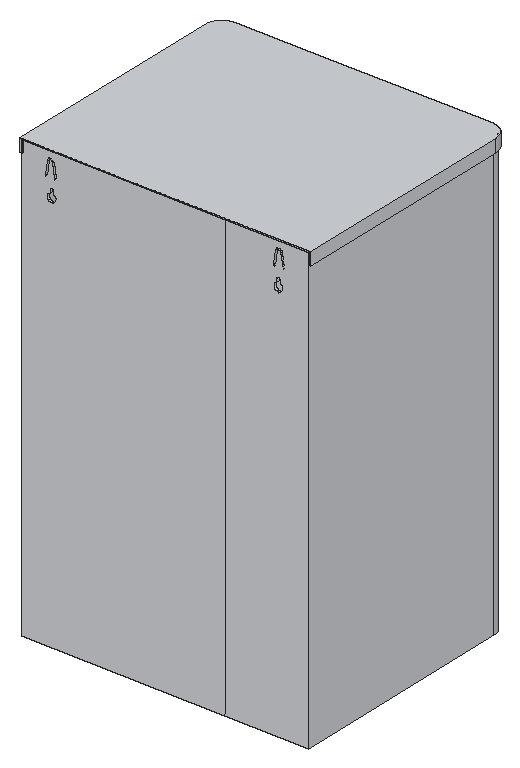
Revit family "AX8927-C_0005", category Appareils sanitaires, Revit 2016
Family settings
  Hôte = Mur
  Type d'élément = Normal
  Cote de connecteur circulaire = Utiliser le diamètre
  Numéro OmniClass = 23.75.00.00
  Titre OmniClass = Climate Control (HVAC)
  Toujours verticalement = Oui
  Couper avec des vides une fois chargée = Non
  Partagée = Non
  Point de calcul de pièce = Non
Parameters (values of type "Type 1")
  URL = "https://www.axeuro.com/fr/a-poser-en-applique/25425-poubelle-murale-ax8927-c.html?search_query=ax8927-c&results=6"
  Modèle = "AX8927-C, AX8927W-C"  # constant formula
  Fabricant = "Axeuro"  # constant formula
  Description = "Poubelle murale"  # constant formula
Reference planes
  plane 1 "Mur": y = 0
  plane 2 "Centre (gauche/droite)": x = 0
  plane 3 "Arrière": y = 75
Forms (mm)
  Extrusion 1, solid
    sketch origin (-105.674, -95, 0) x (1, 0, 0) y (0, 1, 0)
      loop
        line (-72.326, 170) -> (179.5, 170) -> (283.674, 170) -> (283.674, 455.853)
        arc (283.674, 455.853) -> (277.773, 470.099) -> (263.527, 476) r 20.147
        line (263.527, 476) -> (182.674, 476) -> (-52.179, 476)
        arc (-52.179, 476) -> (-66.425, 470.099) -> (-72.326, 455.853) r 20.147
        line (-72.326, 455.853) -> (-72.326, 170)
      loop
        line (182.674, 473.6) -> (-52.179, 473.6)
        arc (-52.179, 473.6) -> (-64.728, 468.402) -> (-69.926, 455.853) r 17.747
        line (-69.926, 455.853) -> (-69.926, 172.4) -> (179.5, 172.4) -> (281.274, 172.4) -> (281.274, 455.853)
        arc (281.274, 455.853) -> (276.076, 468.402) -> (263.527, 473.6) r 17.747
        line (263.527, 473.6) -> (182.674, 473.6)
    from 240.192 to 790
  Extrusion 2, solid
    sketch origin (36.5, 0, 40.192) x (1, 0, 0) y (0, 1, 0)
      loop
        line (-214.5, 360.853) -> (-214.5, 75) -> (36.326, 75) -> (141.5, 75) -> (141.5, 360.853)
        arc (141.5, 360.853) -> (135.599, 375.099) -> (121.353, 381) r 20.147
        line (121.353, 381) -> (39.5, 381) -> (-194.353, 381)
        arc (-194.353, 381) -> (-208.599, 375.099) -> (-214.5, 360.853) r 20.147
    from 200 to 202.4
  Extrusion 3, void
    sketch origin (40.203, 0, 10.01) x (-1, 0, 0) y (0, 0, -1)
      loop
        line (-102.277, -733.673) -> (-102.277, -738.673)
        arc (-102.277, -738.673) -> (-100.297, -740.013) -> (-98.316, -738.673) r 2.134
        line (-98.316, -738.673) -> (-98.316, -733.688)
        arc (-98.316, -733.688) -> (-100.255, -723.071) -> (-102.277, -733.673) r 5.49
    from -75 to -77.6
  Extrusion 4, void
    sketch origin (37.401, 0, 0) x (-1, 0, 0) y (0, 0, -1)
      loop
        line (-110.599, -762.273) -> (-107.871, -779.039)
        arc (-107.871, -779.039) -> (-103.942, -782.968) -> (-100.012, -779.039) r 3.93
        line (-100.012, -779.039) -> (-97.429, -762.273)
        arc (-97.429, -762.273) -> (-98.029, -761.023) -> (-99.267, -761.649) r 0.971
        line (-99.267, -761.649) -> (-102.099, -779.052)
        arc (-102.099, -779.052) -> (-104.014, -780.967) -> (-105.929, -779.052) r 1.915
        line (-105.929, -779.052) -> (-108.761, -761.649)
        arc (-108.761, -761.649) -> (-109.999, -761.023) -> (-110.599, -762.273) r 0.971
    from -77.4 to -75
  Extrusion 5, solid
    sketch origin (37, 0, -33.623) x (1, 0, 0) y (0, 1, 0)
      loop
        line (-217, 75) -> (-76, 75) -> (143, 75) -> (143, 361)
        arc (143, 361) -> (137.044, 376.509) -> (121.75, 383) r 21.263
        line (121.75, 383) -> (-76, 383) -> (-195.75, 383)
        arc (-195.75, 383) -> (-211.044, 376.509) -> (-217, 361) r 21.263
        line (-217, 361) -> (-217, 75)
    from 809.623 to 825.623
  Extrusion 6, void
    sketch origin (37, 0, 0) x (1, 0, 0) y (0, 0, 1)
      loop
        line (-213.804, 776) -> (140, 776) -> (140, 790) -> (-213.804, 790) -> (-213.804, 776)
    from -77.4 to -75
  Extrusion 7, void
    sketch origin (-40.203, 0, 10.01) x (1, 0, 0) y (0, 0, 1)
      loop
        arc (-102.277, 733.673) -> (-100.255, 723.071) -> (-98.316, 733.688) r 5.49
        line (-98.316, 733.688) -> (-98.316, 738.673)
        arc (-98.316, 738.673) -> (-100.297, 740.013) -> (-102.277, 738.673) r 2.134
        line (-102.277, 738.673) -> (-102.277, 733.673)
    from -75 to -77.6
  Extrusion 8, void
    sketch origin (-37.401, 0, 0) x (1, 0, 0) y (0, 0, 1)
      loop
        arc (-110.599, 762.273) -> (-109.999, 761.023) -> (-108.761, 761.649) r 0.971
        line (-108.761, 761.649) -> (-105.929, 779.052)
        arc (-105.929, 779.052) -> (-104.014, 780.967) -> (-102.099, 779.052) r 1.915
        line (-102.099, 779.052) -> (-99.267, 761.649)
        arc (-99.267, 761.649) -> (-98.029, 761.023) -> (-97.429, 762.273) r 0.971
        line (-97.429, 762.273) -> (-100.012, 779.039)
        arc (-100.012, 779.039) -> (-103.942, 782.968) -> (-107.871, 779.039) r 3.93
        line (-107.871, 779.039) -> (-110.599, 762.273)
    from -77.4 to -75
Cuts and joins
  Extrusion 3, Extrusion 4, Extrusion 7, Extrusion 8 cuts Extrusion 1
  Extrusion 3, Extrusion 4, Extrusion 7, Extrusion 8 cuts Extrusion 2
  joined: Extrusion 1, Extrusion 2
  Extrusion 6, Extrusion 8 cuts Extrusion 5
Text (mm)
  text "Côté de la mise en place" at (-1820.995, 1116.779, 0), in view "Niveau de réf."
  text "Côté de la mise en place" at (0, 1334.055, 2976.191), in view "Gauche"
  text "Côté de la mise en place" at (0, 439.194, 2944.362), in view "Droite"
Dimensions and locks
  locked: plane 3 "Arrière" to host wall
  aligned and locked: plane 1 "Mur" to host wall
